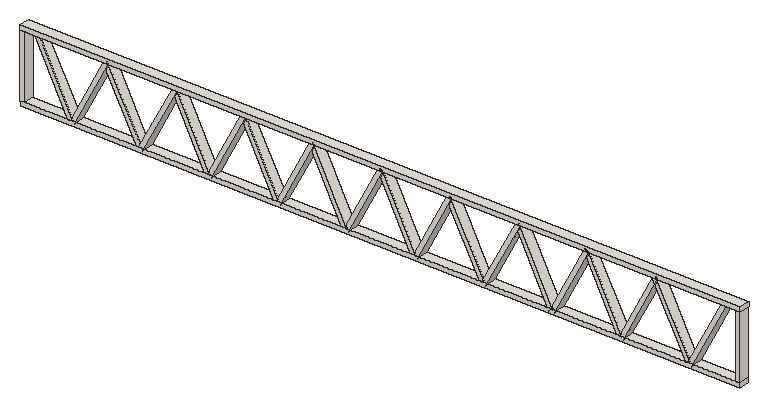
Revit family "061753 - Shop-Fabricated Wood Trusses - Generic", category Structural Framing, Revit 2020
Family settings
  Section Shape = Not Defined
  Material for Model Behavior = Wood
  Always export as geometry = Yes
  OmniClass Number = 23.25.30.21.14.21
  OmniClass Title = Wood Trusses
  Always vertical = Yes
  Cut with Voids When Loaded = No
  Symbolic Representation = From Family
  Shared = No
  Show family pre-cut in plan views = Yes
Parameters (values of type "24"")
  Wt = 5
  Web Thickness = 0' - 0 1/8"
  Web Material = WOOD FLOOR TRUSS
  URL = "http://redbuilt.com/"
  Top Clip Vis L [instance] = Conv L > 0  # no
  Top Clip Vis [instance] = Conv > 0  # yes
  T B Chord Length Difference L [instance] = if(Bottom Bearing L, 0' 0", 0' 6 1/2")  # 0' - 0"
  T B Chord Length Difference [instance] = if(Bottom Bearing, 0' 0", 0' 6 1/2")  # 0' - 6 1/2"
  Structural Material [instance] = Metal-Redbuilt-Steel
  Product Page URL = "http://www.redbuilt.com/commercial-systems/red-l-red-w-open-web-trusses"
  Product Name = "Red-W™"
  Product Documentation Link = "http://www.redbuilt.com/documents/OW_Guide_NO_LSL_wLinks.pdf"
  Model = "Red W"
  Manufacturer Phone - Toll Free = "1.866.859.6757"  # constant formula
  Manufacturer Fax = "208.364.1300"  # constant formula
  Manufacturer Email = "rruim@redbuilt.com"  # constant formula
  Manufacturer Address = "200 E. Mallard Drive, Boise, Idaho, 83706"  # constant formula
  Manufacturer = "RedBuilt™"  # constant formula
  Description = "Joist"
  Copyright = "©2016 RedBuilt™2016 Boise, Idaho"  # constant formula
  Conv L [instance] = if(Bottom Bearing L, 0, 1)  # 0
  Conv [instance] = if(Bottom Bearing, 0, 1)  # 1
  Contact us = "http://redbuilt.com/contact/"
  Chord Width = 0' - 3 1/2"
  Bottom Bearing L [instance] = yes
  Bottom Bearing [instance] = no
  T Chord Depth = 0' - 1 1/2"
  Start Offset [instance] = 0' - 0"
  Seat Length = 0' - 4"
  Seat Depth = 0' - 2 1/2"
  PanelWidth = 2' - 0"
  Panel Array Num [instance] = Panel Array Length / PanelWidth  # 10
  Panel Array Length [instance] = Length - (2 * End Panel)  # 19' - 2"
  Panel [instance] = Panel Array Length / Panel Array Num  # 1' - 11"
  Start Extension [instance] = 0' - 0"
  End Panel = 0' - 5"
  End Offset [instance] = 0' - 0"
  End Extension [instance] = 0' - 0"
  Cord Leg = 0' - 0 1/2"
  Chord Thickness = 0' - 0 1/4"
  Chord Material = WOOD FLOOR TRUSS
  B Chord Depth = 0' - 1 1/2"
  Assembly Code = ""
  Length [instance] = 20' - 0"
  Depth = 2' - 0"
Reference planes (in)
  plane 1 "Center (Front/Back)": y = 0
  plane 2: z = 0
  plane 3 "Center (Left/Right)": x = 0.1815
  plane 4 "Member Left": x = -79.8185
  plane 5 "Member Right": x = 80.1815
  plane 6: y = 1.75
  plane 7: y = -1.75
  plane 8: z = 12
  plane 9: z = -12
  plane 10 "Left": x = -119.8185
  plane 11 "Stick Symbol Left": x = -77.8185
  plane 12 "Stick Symbol Right": x = 78.1815
  plane 13 "Right": x = 120.1815
  plane 14: z = 9.5
  plane 15: x = -114.8185
  plane 16: x = 120.1815
  plane 17: x = 115.1815
  plane 18: y = 0.0625
  plane 19: y = -0.0625
  plane 20: z = 10.5
  plane 21: z = -10.5
  plane 22: x = -126.3185
  plane 23: x = -103.3185
  plane 24: x = 103.6815
  plane 25: x = 126.6815
  plane 26: z = -11.75
  plane 27: z = 11.75
  plane 28: x = 120.1815
  plane 29: x = -119.8185
  plane 30: x = 113.6815
  plane 31 "T Clip Reference": x = 119.58727
  plane 32 "T Clip L Reference": x = -119.22427
  plane 33 "B Clip Reference": x = 115.96227
  plane 34: x = 113.65073
  plane 35 "B Clip L Reference": x = -115.59927
  plane 36: x = -113.28773
  plane 37 "2": x = -118.3185
  plane 38 "3": x = 118.6815
Forms (in)
  Extrusion 1, solid, material "WOOD FLOOR TRUSS" <- "Chord Material", detail levels medium+fine
    sketch origin (0.1815, 0, 0) x (0, 1, 0) y (0, 0, 1)
      loop
        line (1.75, 12) -> (-1.75, 12) -> (-1.75, 10.5) -> (1.75, 10.5) -> (1.75, 12)
    from -120 to 120
  Extrusion 2, solid, material "WOOD FLOOR TRUSS" <- "Chord Material", detail levels medium+fine
    sketch origin (0.1815, 0, -19.25) x (0, 1, 0) y (0, 0, 1)
      loop
        line (1.75, 8.75) -> (-1.75, 8.75) -> (-1.75, 7.25) -> (1.75, 7.25) -> (1.75, 8.75)
    from -120 to 120
  Extrusion 3, solid, material "WOOD FLOOR TRUSS" <- "Chord Material"
    sketch origin (-119.8185, 0, 0) x (0, -1, 0) y (0, 0, 1)
      loop
        line (-1.75, 10.5) -> (-1.75, -10.5) -> (1.75, -10.5) -> (1.75, 10.5) -> (-1.75, 10.5)
    from 0 to -1.5
  Extrusion 4, solid, material "WOOD FLOOR TRUSS" <- "Chord Material"
    sketch origin (120.1815, 0, 0) x (0, -1, 0) y (0, 0, 1)
      loop
        line (-1.75, 10.5) -> (-1.75, -10.5) -> (1.75, -10.5) -> (1.75, 10.5) -> (-1.75, 10.5)
    from 0 to 1.5
Lines and regions (in)
  symbolic lines, style "StructuralFraming", detail levels coarse
    curve 1: line (0, 1.75, 12) -> (0, 0.0625, 12)
    curve 2: line (0, -1.75, -12) -> (0, -0.0625, -12)
    curve 3: line (0, 0, -12) -> (0, 0, 12)
  symbolic lines, detail levels fine
    curve 4: line (0.1815, 0.0625, 11.75) -> (0.1815, -0.0625, 11.75)
    curve 5: line (0.1815, -0.0625, 10.5) -> (0.1815, -0.0625, -10.5)
    curve 6: line (0.1815, 0.0625, -10.5) -> (0.1815, 0.0625, 10.5)
  model lines, style "StructuralFraming", detail levels coarse
    curve 7: line (120.1815, 0, 0) -> (-119.8185, 0, 0)
Dimensions and locks (in)
  equal spacing: plane 9, plane 2, plane 8
  "Length": plane 10 "Left" to plane 13 "Right"
  equal spacing: plane 10 "Left", plane 3 "Center (Left/Right)", plane 13 "Right"
  "Depth": plane 9 to plane 8
  "Seat Depth": plane 8 to plane 14
  "End Panel": plane 10 "Left" to plane 15
  "End Panel": plane 13 "Right" to plane 17
  "B Chord Depth": plane 9 to plane 21
  "T Chord Depth": plane 20 to plane 8
  "Panel": plane 23 to plane 22
  equal spacing: plane 23, plane 15, plane 22
  "Panel": plane 24 to plane 25
  equal spacing: plane 24, plane 17, plane 25
  locked: plane 26 to plane 9 at 0.25
  locked: plane 8 to plane 27 at 0.25
  equal spacing: group 1, group 3, group 4, group 5, group 6, group 7, group 8, group 9, group 10, group 2  (x3)
  "End Offset": plane 28 to plane 13 "Right"
  "End Extension": plane 28 to plane 16
  equal spacing: plane 7, plane 1 "Center (Front/Back)", plane 6
  "Chord Width": plane 7 to plane 6
  "Web Thickness": plane 19 to plane 18
  equal spacing: plane 19, plane 1 "Center (Front/Back)", plane 18
  "T B Chord Length Difference": plane 30 to plane 13 "Right"
  "T B Chord Length Difference L": plane 10 "Left" to plane 29
  locked: plane 10 "Left" to plane 32 "T Clip L Reference" at 0.59423
  locked: plane 31 "T Clip Reference" to plane 13 "Right" at 0.59423
  locked: plane 33 "B Clip Reference" to plane 17 at 0.78077
  locked: plane 17 to plane 34 at 1.53077
  locked: plane 15 to plane 35 "B Clip L Reference" at 0.78077
  locked: plane 15 to plane 36 at 1.53077
  "B Chord Depth": plane 10 "Left" to plane 37 "2"
  "B Chord Depth": plane 38 "3" to plane 13 "Right"
  aligned and locked: nested 1 to plane 15
  aligned and locked: plane 1 "Center (Front/Back)" to nested 1  (x2)
  aligned and locked: nested 2 to plane 17
  aligned and locked: Extrusion 1 sketch curve to curve 1
  aligned and locked: plane 20 to Extrusion 1
  aligned and locked: Extrusion 1 to plane 8
  aligned and locked: Extrusion 2 to plane 21
  aligned and locked: plane 9 to Extrusion 2
  aligned and locked: Extrusion 2 to plane 7
  aligned and locked: plane 6 to Extrusion 2
  aligned and locked: plane 6 to Extrusion 1
  aligned and locked: Extrusion 1 to plane 7
  aligned and locked: Extrusion 1 to plane 10 "Left"
  aligned and locked: Extrusion 1 to plane 13 "Right"
  aligned and locked: Extrusion 2 to plane 29
  aligned and locked: Extrusion 2 to plane 13 "Right"
  aligned and locked: Extrusion 3 sketch curve to plane 6
  aligned and locked: plane 7 to Extrusion 3 sketch curve
  aligned and locked: plane 38 "3" to Extrusion 4
  aligned and locked: Extrusion 4 to plane 20
  aligned and locked: plane 21 to Extrusion 4
  aligned and locked: Extrusion 3 to plane 20
  aligned and locked: plane 37 "2" to Extrusion 3
Automatic sketch dimensions
  curve 2 to plane 7 = 0' - 0"
  curve 2 to plane 9 = 0' - 0"
  curve 2 to plane 19 = 0' - 0"
  curve 5 to plane 19 = 0' - 0"
  curve 4 to plane 19 = 0' - 0"
  curve 3 to plane 1 "Center (Front/Back)" = 0' - 0"
  curve 6 to plane 18 = 0' - 0"
  curve 4 to plane 18 = 0' - 0"
  curve 3 to plane 9 = 0' - 0"
  curve 5 to plane 21 = 0' - 0"
  curve 6 to plane 21 = 0' - 0"
  curve 6 to plane 20 = 0' - 0"
  curve 5 to plane 20 = 0' - 0"
  curve 4 to plane 27 = 0' - 0"
  curve 3 to plane 8 = 0' - 0"
  curve 1 to plane 6 = 0' - 0"
  curve 1 to plane 8 = 0' - 0"
  curve 1 to plane 18 = 0' - 0"
  Extrusion 1 sketch curve to plane 7 = 0' - 0"
  Extrusion 1 sketch curve to plane 6 = 0' - 0"
  Extrusion 1 sketch curve to plane 20 = 0' - 0"
  Extrusion 2 sketch curve to plane 7 = 0' - 0"
  Extrusion 2 sketch curve to plane 6 = 0' - 0"
  Extrusion 2 sketch curve to plane 9 = 0' - 0"
  Extrusion 2 sketch curve to plane 21 = 0' - 0"
  plane 1 "Center (Front/Back)" to curve 7 = 0' - 0"
  curve 7 to plane 10 "Left" = 0' - 0"
  curve 7 to plane 13 "Right" = 0' - 0"
  Extrusion 3 sketch curve to plane 9 = 0' - 1 1/2"
  Extrusion 4 sketch curve to plane 6 = 0' - 0"
  Extrusion 4 sketch curve to plane 7 = 0' - 0"
  Extrusion 4 sketch curve to plane 9 = 0' - 1 1/2"
  plane 8 to Extrusion 4 sketch curve = 0' - 1 1/2"
  plane 20 to Extrusion 3 sketch curve = 0' - 0"
Nested families (in)
  nested 1: "Panel" at (-114.8185, 0, 0), PanelHeight <- "Depth", Web Material <- "Web Material", type "Angled Web", detail levels medium+fine
    with Web Material WOOD FLOOR TRUSS, PanelHeight 2' - 0", PanelWidth 2' - 0"
  nested 2: "Panel" at (91.1815, 0, 0), PanelHeight <- "Depth", Web Material <- "Web Material", type "Angled Web", detail levels medium+fine
    with Web Material WOOD FLOOR TRUSS, PanelHeight 2' - 0", PanelWidth 2' - 0"
  nested 3: "Panel" at (-91.92961, 0, 0), PanelHeight <- "Depth", Web Material <- "Web Material", type "Angled Web", detail levels medium+fine
    with Web Material WOOD FLOOR TRUSS, PanelHeight 2' - 0", PanelWidth 2' - 0"
  nested 4: "Panel" at (-69.04072, 0, 0), PanelHeight <- "Depth", Web Material <- "Web Material", type "Angled Web", detail levels medium+fine
    with Web Material WOOD FLOOR TRUSS, PanelHeight 2' - 0", PanelWidth 2' - 0"
  nested 5: "Panel" at (-46.15183, 0, 0), PanelHeight <- "Depth", Web Material <- "Web Material", type "Angled Web", detail levels medium+fine
    with Web Material WOOD FLOOR TRUSS, PanelHeight 2' - 0", PanelWidth 2' - 0"
  nested 6: "Panel" at (-23.26294, 0, 0), PanelHeight <- "Depth", Web Material <- "Web Material", type "Angled Web", detail levels medium+fine
    with Web Material WOOD FLOOR TRUSS, PanelHeight 2' - 0", PanelWidth 2' - 0"
  nested 7: "Panel" at (-0.37406, 0, 0), PanelHeight <- "Depth", Web Material <- "Web Material", type "Angled Web", detail levels medium+fine
    with Web Material WOOD FLOOR TRUSS, PanelHeight 2' - 0", PanelWidth 2' - 0"
  nested 8: "Panel" at (22.51483, 0, 0), PanelHeight <- "Depth", Web Material <- "Web Material", type "Angled Web", detail levels medium+fine
    with Web Material WOOD FLOOR TRUSS, PanelHeight 2' - 0", PanelWidth 2' - 0"
  nested 9: "Panel" at (45.40372, 0, 0), PanelHeight <- "Depth", Web Material <- "Web Material", type "Angled Web", detail levels medium+fine
    with Web Material WOOD FLOOR TRUSS, PanelHeight 2' - 0", PanelWidth 2' - 0"
  nested 10: "Panel" at (68.29261, 0, 0), PanelHeight <- "Depth", Web Material <- "Web Material", type "Angled Web", detail levels medium+fine
    with Web Material WOOD FLOOR TRUSS, PanelHeight 2' - 0", PanelWidth 2' - 0"
Definition of nested family "Panel"
  Parameters (values of type "Angled Web")
    WebMaterial = none
    Web Thickness = 0' - 0 3/8"
    Web Material [instance] = none
    PanelHeight [instance] = 1' - 0"
    PanelWidth = 1' - 1 23/32"
    Assembly Code = ""
  Reference planes (in)
    plane 1 "Center (Front/Back)": y = 0
    plane 2: z = 0
    plane 3 "Center (Left/Right)": x = 0
    plane 4: x = 13.71875
    plane 5: x = 6.85937
    plane 6: z = -6
    plane 7: z = 6
    plane 8: y = -0.1875
    plane 9: y = 0.1875
    plane 10: x = 0.28125
    plane 11: x = 13.4375
    plane 12: z = -5
    plane 13: z = 5
    plane 14: x = 6.57469
    plane 15: x = 7.14406
  Forms (in)
    Sweep 1, solid, material <- "WebMaterial"
      path in 3D
        loop
          line (0.28125, 0, 5) -> (6.57469, 0, -5)
      profile "Web Profile : Web Profile" origin (3.42797, 0, 0) x (0.846342, 0, 0.53264) y (0, -1, 0)
        loop
          line (0.75, -1.625) -> (0.75, 1.625) -> (-0.75, 1.625) -> (-0.75, -1.625) -> (0.75, -1.625)
    Sweep 2, solid, material <- "WebMaterial"
      path in 3D
        loop
          line (7.14406, 0, -5) -> (13.4375, 0, 5)
      profile "Web Profile : Web Profile" origin (10.29078, 0, 0) x (-0.846342, 0, 0.53264) y (0, -1, 0)
        loop
          line (0.75, -1.625) -> (0.75, 1.625) -> (-0.75, 1.625) -> (-0.75, -1.625) -> (0.75, -1.625)
  Lines and regions (in)
    model lines
      curve 1: line (0, 0, -6) -> (0, 0, 6)
      curve 2: line (0, 0, 6) -> (13.71875, 0, 6)
      curve 3: line (13.71875, 0, 6) -> (13.71875, 0, -6)
      curve 4: line (13.71875, 0, -6) -> (0, 0, -6)
    model lines, detail levels medium
      curve 5: line (0.28125, 0, 5) -> (6.57469, 0, -5)
      curve 6: line (7.14406, 0, -5) -> (13.4375, 0, 5)
    sketch lines
      curve 7: line (0.28125, 0, 5) -> (6.57469, 0, -5)
      curve 8: line (7.14406, 0, -5) -> (13.4375, 0, 5)
  Dimensions and locks (in)
    "PanelWidth": plane 4 to plane 3 "Center (Left/Right)"
    equal spacing: plane 4, plane 5, plane 3 "Center (Left/Right)"
    "PanelHeight": plane 7 to plane 6
    equal spacing: plane 7, plane 2, plane 6
    "Web Thickness": plane 9 to plane 8
    equal spacing: plane 9, plane 1 "Center (Front/Back)", plane 8
    locked: plane 10 to plane 3 "Center (Left/Right)" at 0.28125
    locked: plane 11 to plane 4 at 0.28125
    locked: plane 7 to plane 13 at 1
    locked: plane 12 to plane 6 at 1
    plane 14 to plane 5 = 0' - 0.28468"
    plane 5 to plane 15 = 0' - 0.28468"
    aligned and locked: plane 7 to curve 2
  Automatic sketch dimensions
    curve 1 to plane 3 "Center (Left/Right)" = 0' - 0"
    curve 5 to plane 10 = 0' - 0"
    curve 6 to plane 12 = 0' - 0"
    curve 6 to plane 15 = 0' - 0"
    curve 6 to plane 11 = 0' - 0"
    curve 4 to plane 4 = 0' - 0"
    curve 1 to plane 6 = 0' - 0"
    curve 6 to plane 13 = 0' - 0"
    curve 5 to plane 13 = 0' - 0"
    curve 5 to plane 12 = 0' - 0"
    curve 5 to plane 14 = 0' - 0"
